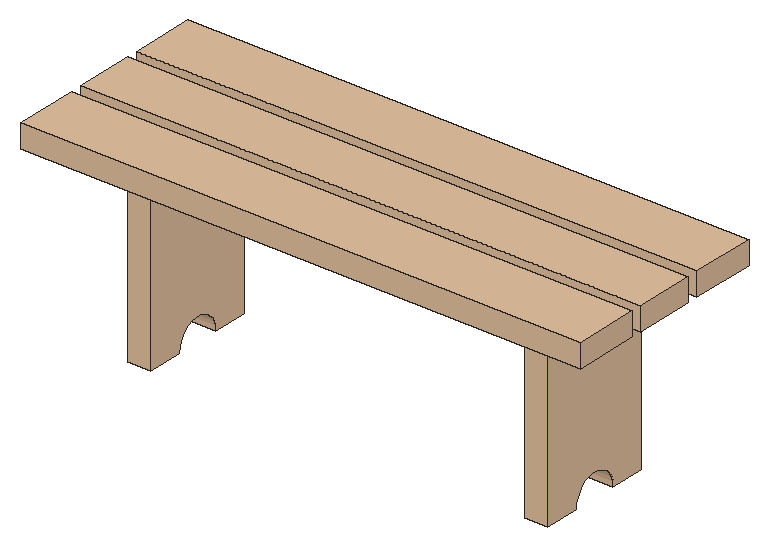
Revit family "M_Banco-Vestiário", category Mobiliário, Revit 2019
Family settings
  Número OmniClass = 23.40.20.14.14.21
  Título OmniClass = Benches
  ID de item do Seek = Bench-Locker Room-0000-CAN-ENU
  Com base no plano de trabalho = Não
  Sempre na vertical = Sim
  Corte com vazios quando carregada = Não
  Compartilhado = Não
  Ponto de cálculo do ambiente = Não
Parameters (values of type "1220 x 457 x 457mm")
  Material do banco = Cerejeira
  Linear = 457.00 mm
  Altura = 457.00 mm
  Largura = 1220.00 mm
Types (4, lengths in mm): name | Altura | Largura
  (no name) | 457.00 | 1220.00
  1220 x 457 x 356mm | 356.00 | 1220.00
  1220 x 457 x 457mm | 457.00 | 1220.00
  1525 x 457 x 457mm | 457.00 | 1525.00
Reference planes
  plane 1 "Centro (Frente/Trás)": y = -180.715
  plane 2: z = 0
  plane 3 "Centro (Esquerda/Direita)": x = -155.315
  plane 4: y = 47.785
  plane 5: y = -409.215
  plane 6: x = 454.685
  plane 7: x = -765.315
  plane 8: y = -53.815
  plane 9: y = -307.615
  plane 10: y = -307.615
  plane 11: y = -53.815
  plane 12: y = -104.548
  plane 13: y = -256.881
Forms (mm)
  Extrusion 1, solid, material "Cerejeira" <- "Material do banco"
    sketch origin (0, 0, 0) x (1, 0, 0) y (0, 1, 0)
      loop
        line (-765.315, 47.785) -> (-765.315, -91.848) -> (454.685, -91.848) -> (454.685, 47.785) -> (-765.315, 47.785)
      loop
        line (-765.315, -409.215) -> (454.685, -409.215) -> (454.685, -269.581) -> (-765.315, -269.581) -> (-765.315, -409.215)
      loop
        line (-765.315, -117.248) -> (-765.315, -244.181) -> (454.685, -244.181) -> (454.685, -117.248) -> (-765.315, -117.248)
    from 406.2 to 457
  Extrusion 2, solid, material "Cerejeira" <- "Material do banco"
    sketch origin (-765.315, 47.785, 457) x (0, 0, -1) y (0, -1, 0)
      loop
        line (50.8, 101.6) -> (457, 101.6) -> (457, 177.8)
        arc (457, 177.8) -> (406.3, 228.5) -> (457, 279.2) r 50.7
        line (457, 279.2) -> (457, 355.4) -> (50.8, 355.4) -> (50.8, 101.6)
    from -152.4 to -203.2
  Extrusion 3, solid, material "Cerejeira" <- "Material do banco"
    sketch origin (454.685, -91.848, 457) x (0, 0, -1) y (0, 1, 0)
      loop
        line (50.8, -215.767) -> (457, -215.767) -> (457, -139.567)
        arc (457, -139.567) -> (406.3, -88.867) -> (457, -38.167) r 50.7
        line (457, -38.167) -> (457, 38.033) -> (50.8, 38.033) -> (50.8, -215.767)
    from -152.4 to -203.2
Lines and regions (mm)
  Masking region 1
    outline origin (0, 0, 0) x (1, 0, 0) y (0, 1, 0)
      loop
        line (-765.315, 47.785) -> (-765.315, -409.215) -> (454.685, -409.215) -> (454.685, 47.785) -> (-765.315, 47.785)
Dimensions and locks
  equal spacing: plane 7, plane 3 "Centro (Esquerda/Direita)", plane 6
  equal spacing: plane 5, plane 1 "Centro (Frente/Trás)", plane 4
  "Largura": plane 7 to plane 6
  "Linear": plane 5 to plane 4
  "Altura": Extrusion 1 to plane 2
  locked: Extrusion 1 to Extrusion 1 at 50.8
  locked: plane 4 to plane 8 at 101.6
  locked: plane 9 to plane 5 at 101.6
  locked: plane 5 to plane 10 at 101.6
  locked: plane 11 to plane 4 at 101.6
  equal spacing: plane 5, plane 13, plane 12, plane 4
  Extrusion 1 sketch curve to plane 12 to Extrusion 1 sketch curve = 12.70 mm, 12.70 mm
  Extrusion 1 sketch curve to plane 13 to Extrusion 1 sketch curve = 12.70 mm, 12.70 mm
  aligned and locked: plane 9 to Extrusion 2 sketch curve
  aligned and locked: Extrusion 2 sketch curve to Extrusion 1
  aligned and locked: plane 10 to Extrusion 3 sketch curve
  aligned and locked: plane 11 to Extrusion 3 sketch curve
  aligned and locked: Extrusion 3 sketch curve to Extrusion 1
  aligned and locked: Masking region 1 sketch curve to plane 7
  aligned and locked: Masking region 1 sketch curve to plane 5
  aligned and locked: plane 4 to Masking region 1 sketch curve
  aligned and locked: plane 6 to Masking region 1 sketch curve
Automatic sketch dimensions
  Extrusion 2 sketch curve to plane 8 = 0.00 mm
  Extrusion 2 sketch curve to level = 0.00 mm
  Extrusion 2 sketch curve to plane 1 "Centro (Frente/Trás)" = 0.00 mm
  Extrusion 2 sketch curve to Extrusion 2 sketch curve = 76.20 mm
  Extrusion 3 sketch curve to level = 0.00 mm
  Extrusion 3 sketch curve to plane 1 "Centro (Frente/Trás)" = 0.00 mm
  Extrusion 3 sketch curve to Extrusion 3 sketch curve = 76.20 mm
  Extrusion 1 sketch curve to plane 7 = 0.00 mm  (x3)
  Extrusion 1 sketch curve to plane 6 = 0.00 mm  (x3)
  Extrusion 1 sketch curve to plane 5 = 0.00 mm
  Extrusion 1 sketch curve to plane 4 = 0.00 mm
